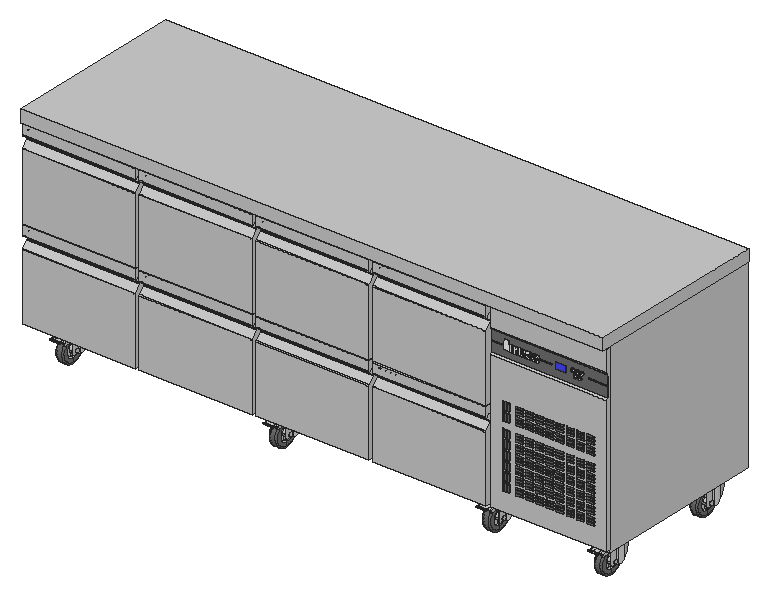
Revit family "QF_INOMAK_PNRP9999_250513010757", category Specialty Equipment, Revit 2021 (continued)
Definition of nested family "QF_INOMAK_REF_COUNTERS_DOORS_DRAWERS_6956"
  Definition of nested family "Hopper"
    Automatic sketch dimensions
      Extrusion 2 sketch curve to plane 5 "Front" = 565 mm
      curve 1 to plane 10 "Left panel" = 0 mm
      curve 2 to plane 11 "Right panel" = 0 mm
      curve 6 to plane 5 "Front" = 0 mm
      curve 5 to plane 5 "Front" = 0 mm
      curve 4 to plane 5 "Front" = 525 mm
      curve 3 to curve 3 = 40 mm
      plane 11 "Right panel" to curve 5 = 30 mm
      curve 6 to plane 10 "Left panel" = 30 mm
Definition of nested family "QF_INOMAK_REF_COUNTERS_DOORS_DRAWERS_16448"
  Parameters (values of type "DR-LX-710")
    Weight [instance] = 0.00 kg
    Warranty Start Date [instance] = ""
    Warranty Duration [instance] = ""
    URL Cutsheet [instance] = ""
    URL = "www.inomak.com"
    Top inset [instance] = 10 mm
    Technical Documentation [instance] = ""
    Tag Number [instance] = ""
    Status [instance] = ""
    Specification by User [instance] = ""
    Specification by Manufacturer [instance] = ""
    Sound Level [instance] = ""
    Solid Fuel Type [instance] = ""
    Show Logo [instance] = yes
    Show Clearances [instance] = yes
    Service Life Duration [instance] = ""
    Serial Number [instance] = ""
    Seismic Rating [instance] = ""
    SMACNA No [instance] = ""
    Right panel thickness [instance] = 0 mm
    Revision Code [instance] = ""
    Revision [instance] = ""
    Rear inset [instance] = 0 mm
    Production Year [instance] = ""
    Point Load [instance] = 0
    Plinth height [instance] = 0 mm
    Other Equipment Approvals [instance] = ""
    NAFEM Spec ID Number [instance] = ""
    Model Warning [instance] = ""
    Model = "DR-LX-710"
    Masterspec [instance] = ""
    Manufacturer = "INOMAK"
    Length Actual [instance] = 435 mm
    Left panel thickness [instance] = 0 mm
    Item Number [instance] = ""
    Installed By [instance] = ""
    Installation Date [instance] = ""
    Identify Quantity as Lot [instance] = yes
    ID [instance] = ""
    Hygiene Approval [instance] = ""
    Height Actual [instance] = 710 mm
    Furnished By [instance] = ""
    Front inset [instance] = 10 mm
    Foodservice Equipment Identifier [instance] = yes
    Finish [instance] = none
    ETL Approved [instance] = yes
    Doors drawers type [instance] = 8
    Description = "LEFT HINGED DOOR"
    Depth Actual [instance] = 700 mm
    Default Elevation = 0 mm
    CSI MasterFormat [instance] = ""
    CE Approved [instance] = yes
    Bottom inset [instance] = 10 mm
    Barcode [instance] = ""
    Author [instance] = ""
    Asset Identifier [instance] = ""
    Assembly Code = "E1090320"
    Accessory [instance] = yes
  Types (9, lengths in mm): name | Model | Height Actual | Doors drawers type | Description
    DW-2-710 | "DW-2-710" | 710 | 4 | "2 X GN 1/2 DRAWERS"
    DR-LX-710 | "DR-LX-710" | 710 | 8 | "LEFT HINGED DOOR"
    DR-RX-710 | "DR-RX-710" | 710 | 9 | "RIGHT HINGED DOOR"
    DW-3-710 | "DW-3-710" | 710 | 6 | "3 X GN 1/3 DRAWERS"
    DW-B-710 | "DW-B-710" | 710 | 5 | "1 X GN 1/3 & 1 X GN 2/3 DRAWERS"
    DW-2-483 | "DW-2-483" | 483 | 4 | "2 X GN 1/3 DRAWERS"
    DR-LX-483 | "DR-LX-483" | 483 | 8 | "LEFT HINGED DOOR"
    DR-RX-483 | "DR-RX-483" | 483 | 9 | "RIGHT HINGED DOOR"
    DW-1-483 | "DW-1-483" | 483 | 10 | "1 X GN 2/3 DRAWER"
  Reference planes
    plane 1 "Front": y = 0
    plane 2: z = 0
    plane 3 "Left": x = 0
    plane 4 "Right": x = 435
    plane 5 "Back": y = 700
    plane 6 "Top": z = 710
    plane 7 "Bottom shelf": z = 0
    plane 8: z = 700
    plane 9: z = 10
    plane 10: x = 0
    plane 11: x = 435
    plane 12 "Center Top Bottom": z = 355
  Lines and regions (mm)
    reference lines
      curve 1: line (0, 0, 355) -> (0, 25, 355)
      curve 2: line (435, 0, 355) -> (435, 25, 355)
      curve 3: line (0, 700, 355) -> (435, 700, 355)
      curve 4: line (0, 0, 355) -> (435, 0, 355)
  Dimensions and locks
    "Length Actual": plane 3 "Left" to plane 4 "Right"
    "Depth Actual": plane 1 "Front" to plane 5 "Back"
    "Height Actual": plane 6 "Top" to plane 7 "Bottom shelf"
    "Plinth height": plane 7 "Bottom shelf" to plane 2
    "Top inset": plane 6 "Top" to plane 8
    "Bottom inset": plane 9 to plane 7 "Bottom shelf"
    "Left panel thickness": plane 3 "Left" to plane 10
    "Right panel thickness": plane 11 to plane 4 "Right"
    equal spacing: plane 6 "Top", plane 12 "Center Top Bottom", plane 7 "Bottom shelf"
    "Length Actual": curve 1 to plane 4 "Right"
    "Length Actual": plane 3 "Left" to curve 2
    "Depth Actual": plane 1 "Front" to curve 3
    "Depth Actual": plane 5 "Back" to curve 4
    aligned and locked: level to plane 2
    aligned and locked: plane 3 "Left" to nested 1
    aligned and locked: plane 3 "Left" to nested 2
    aligned and locked: plane 3 "Left" to nested 3
    aligned and locked: plane 3 "Left" to nested 4
    aligned and locked: plane 3 "Left" to nested 5
    aligned and locked: plane 3 "Left" to nested 6
    aligned and locked: plane 3 "Left" to nested 7
    aligned and locked: plane 3 "Left" to nested 8
    aligned and locked: plane 3 "Left" to nested 9
    aligned and locked: nested 4 to plane 1 "Front"
    aligned and locked: nested 6 to plane 1 "Front"
    aligned and locked: nested 8 to plane 1 "Front"
    aligned and locked: nested 5 to plane 1 "Front"
    aligned and locked: nested 3 to plane 1 "Front"
    aligned and locked: nested 7 to plane 1 "Front"
    aligned and locked: nested 2 to plane 1 "Front"
    aligned and locked: nested 1 to plane 1 "Front"
    aligned and locked: nested 9 to plane 1 "Front"
  Automatic sketch dimensions
    curve 3 to plane 4 "Right" = 0 mm
    curve 3 to plane 3 "Left" = 0 mm
    curve 2 to curve 2 = 25 mm
    curve 1 to curve 1 = 25 mm
  Nested families
    nested 1: "Right_Door" at (0, 700, 0), Depth Actual <- "Depth Actual", Height Actual <- "Height Actual", Length Actual <- "Length Actual", Front inset <- "Front inset", Rear inset <- "Rear inset", Left panel thickness <- "Left panel thickness", Right panel thickness <- "Right panel thickness", Doors drawers type <- "Doors drawers type", Plinth height <- "Plinth height", Top inset <- "Top inset", Bottom inset <- "Bottom inset", type "Right door"
      with Top inset 10 mm, Right panel thickness 0 mm, Right hand hinged door no, Rear inset 0 mm, Plinth height 0 mm, Length Actual 435 mm, Left panel thickness 0 mm, Height Actual 710 mm, Front inset 10 mm, Doors drawers type 8, Depth Actual 700 mm, Bottom inset 10 mm
    nested 2: "Left_Door" at (0, 700, 0), Depth Actual <- "Depth Actual", Height Actual <- "Height Actual", Length Actual <- "Length Actual", Front inset <- "Front inset", Rear inset <- "Rear inset", Left panel thickness <- "Left panel thickness", Right panel thickness <- "Right panel thickness", Doors drawers type <- "Doors drawers type", Plinth height <- "Plinth height", Top inset <- "Top inset", Bottom inset <- "Bottom inset", type "Left door"
      with Top inset 10 mm, Right panel thickness 0 mm, Rear inset 0 mm, Plinth height 0 mm, Length Actual 435 mm, Left panel thickness 0 mm, Left hand hinged door yes, Height Actual 710 mm, Front inset 10 mm, Doors drawers type 8, Depth Actual 700 mm, Bottom inset 10 mm
    nested 3: "3_Drawers_1-3" at (0, 700, 0), Depth Actual <- "Depth Actual", Height Actual <- "Height Actual", Length Actual <- "Length Actual", Front inset <- "Front inset", Rear inset <- "Rear inset", Left panel thickness <- "Left panel thickness", Right panel thickness <- "Right panel thickness", Doors drawers type <- "Doors drawers type", Plinth height <- "Plinth height", Top inset <- "Top inset", Bottom inset <- "Bottom inset", type "3 Drawers 1-3"
      with Top inset 10 mm, Right panel thickness 0 mm, Rear inset 0 mm, Plinth height 0 mm, Length Actual 435 mm, Left panel thickness 0 mm, Height Actual 710 mm, Front inset 10 mm, Doors drawers type 8, Depth Actual 700 mm, Bottom inset 10 mm, 3 Drawers no
    nested 4: "2_Drawers_1-2" at (0, 700, 0), Depth Actual <- "Depth Actual", Height Actual <- "Height Actual", Length Actual <- "Length Actual", Front inset <- "Front inset", Rear inset <- "Rear inset", Left panel thickness <- "Left panel thickness", Right panel thickness <- "Right panel thickness", Doors drawers type <- "Doors drawers type", Plinth height <- "Plinth height", Top inset <- "Top inset", Bottom inset <- "Bottom inset", type "2 Drawers 1-2"
      with Top inset 10 mm, Right panel thickness 0 mm, Rear inset 0 mm, Plinth height 0 mm, Length Actual 435 mm, Left panel thickness 0 mm, Height Actual 710 mm, Front inset 10 mm, Doors drawers type 8, Depth Actual 700 mm, Bottom inset 10 mm, 2 Drawers no
    nested 5: "2_Drawers_1-3_2-3" at (0, 700, 0), Depth Actual <- "Depth Actual", Height Actual <- "Height Actual", Length Actual <- "Length Actual", Front inset <- "Front inset", Rear inset <- "Rear inset", Left panel thickness <- "Left panel thickness", Right panel thickness <- "Right panel thickness", Doors drawers type <- "Doors drawers type", Plinth height <- "Plinth height", Top inset <- "Top inset", Bottom inset <- "Bottom inset", type "2 Drawers 1-3 and 2-3"
      with Top inset 10 mm, Right panel thickness 0 mm, Rear inset 0 mm, Plinth height 0 mm, Length Actual 435 mm, Left panel thickness 0 mm, Height Actual 710 mm, Front inset 10 mm, Doors drawers type 8, Depth Actual 700 mm, Bottom inset 10 mm, 2 Drawers 1-3 and 2-3 no
    nested 6: "Sliding_Doors" at (0, 700, 0), Depth Actual <- "Depth Actual", Height Actual <- "Height Actual", Length Actual <- "Length Actual", Front inset <- "Front inset", Rear inset <- "Rear inset", Left panel thickness <- "Left panel thickness", Right panel thickness <- "Right panel thickness", Doors drawers type <- "Doors drawers type", Plinth height <- "Plinth height", Top inset <- "Top inset", Bottom inset <- "Bottom inset", Finish <- "Finish", type "Sliding doors"
      with Top inset 10 mm, Sliding doors no, Right panel thickness 0 mm, Rear inset 0 mm, Plinth height 0 mm, Length Actual 435 mm, Left panel thickness 0 mm, Height Actual 710 mm, Front inset 10 mm, Finish none, Doors drawers type 8, Depth Actual 700 mm, Bottom inset 10 mm
    nested 7: "4_Drawers_1-4" at (0, 700, 0), Depth Actual <- "Depth Actual", Height Actual <- "Height Actual", Length Actual <- "Length Actual", Front inset <- "Front inset", Rear inset <- "Rear inset", Left panel thickness <- "Left panel thickness", Right panel thickness <- "Right panel thickness", Doors drawers type <- "Doors drawers type", Plinth height <- "Plinth height", Top inset <- "Top inset", Bottom inset <- "Bottom inset", Finish <- "Finish", type "4 Drawers 1-4"
      with Top inset 10 mm, Right panel thickness 0 mm, Rear inset 0 mm, Plinth height 0 mm, Length Actual 435 mm, Left panel thickness 0 mm, Height Actual 710 mm, Front inset 10 mm, Finish none, Doors drawers type 8, Depth Actual 700 mm, Bottom inset 10 mm, 4 Drawers no
    nested 8: "Hinged_Doors" at (0, 700, 0), Length Actual <- "Length Actual", Depth Actual <- "Depth Actual", Height Actual <- "Height Actual", Front inset <- "Front inset", Rear inset <- "Rear inset", Left panel thickness <- "Left panel thickness", Right panel thickness <- "Right panel thickness", Doors drawers type <- "Doors drawers type", Plinth height <- "Plinth height", Top inset <- "Top inset", Bottom inset <- "Bottom inset", Finish <- "Finish", type "Hinged doors"
      with Top inset 10 mm, Right panel thickness 0 mm, Rear inset 0 mm, Plinth height 0 mm, Length Actual 435 mm, Left panel thickness 0 mm, Hinged doors no, Height Actual 710 mm, Front inset 10 mm, Finish none, Doors drawers type 8, Depth Actual 700 mm, Bottom inset 10 mm
    nested 9: "Hopper" at (0, 700, 1.284), Length Actual <- "Length Actual", Depth Actual <- "Depth Actual", Height Actual <- "Height Actual", Front inset <- "Front inset", Rear inset <- "Rear inset", Left panel thickness <- "Left panel thickness", Right panel thickness <- "Right panel thickness", Doors drawers type <- "Doors drawers type", Plinth height <- "Plinth height", Top inset <- "Top inset", Bottom inset <- "Bottom inset", Finish <- "Finish", type "Hopper"
      with Top inset 10 mm, Right panel thickness 0 mm, Rear inset 0 mm, Plinth height 0 mm, Length Actual 435 mm, Left panel thickness 0 mm, Hopper no, Height Actual 710 mm, Front inset 10 mm, Finish none, Doors drawers type 8, Depth Actual 700 mm, Bottom inset 10 mm
  Definition of nested family "Left_Door"
    Parameters (values of type "Left door")
      URL = "www.specifiglobal.com"
      Top inset [instance] = 10 mm
      Right panel thickness [instance] = 0 mm
      Rear inset [instance] = 0 mm
      Plinth height [instance] = 150 mm
      Model = ""
      Manufacturer = "DEMO CONSULTANT"
      Length Actual [instance] = 700 mm
      Left panel thickness [instance] = 0 mm
      Left hand hinged door [instance] = Doors drawers type = 8  # yes
      Height Actual [instance] = 710 mm
      Front inset [instance] = 10 mm
      Finish = none
      Doors drawers type [instance] = 8
      Description = ""
      Depth Actual [instance] = 700 mm
      Default Elevation = 0 mm
      Bottom inset [instance] = 0 mm
      Assembly Code = "E1090320"
    Reference planes
      plane 1 "Back": y = 0
      plane 2: z = 0
      plane 3 "Left": x = 0
      plane 4 "Right": x = 700
      plane 5 "Front": y = -700
      plane 6 "Top": z = 860
      plane 7 "Front legs": y = -690
      plane 8 "Legs top": z = 150
      plane 9 "Backsplash thickness": y = 0
      plane 10 "Left panel": x = 0
      plane 11 "Right panel": x = 700
      plane 12: z = 850
      plane 13: z = 150
    Forms (mm)
      Extrusion 1, solid, material <- "Finish", visible <- "Left hand hinged door"
        sketch origin (0, 0, 0) x (0, -1, 0) y (0, 0, 1)
          loop
            line (690, 150) -> (690, 764.365)
            arc (690, 764.365) -> (689.866, 765.037) -> (689.485, 765.607) r 1.757
            line (689.485, 765.607) -> (666.663, 788.429)
            arc (666.663, 788.429) -> (665.976, 789.458) -> (665.734, 790.672) r 3.172
            line (665.734, 790.672) -> (665.734, 817.576)
            arc (665.734, 817.576) -> (666.433, 819.262) -> (668.119, 819.961) r 2.385
            line (668.119, 819.961) -> (680.029, 819.961) -> (686.544, 810.657)
            arc (686.544, 810.657) -> (688.671, 809.935) -> (690, 811.747) r 1.9
            line (690, 811.747) -> (690, 850) -> (648, 850) -> (648, 150) -> (690, 150)
        from 0 to -700
      Extrusion 2, solid, visible <- "Left hand hinged door", detail levels coarse
        sketch origin (0, -700, 150) x (-1, 0, 0) y (0, 1, 0)
          loop
            arc (-700, 10) -> (-495.871, -481.066) -> (0, -673.23) r 677.11
            line (0, -673.23) -> (0, 10) -> (-700, 10)
        from 0 to -700
    Lines and regions (mm)
      symbolic lines, visible <- "Left hand hinged door"
        curve 1: line (0, -700, 150) -> (0, -1373.247, 150)
        curve 2: arc (0, -1373.247, 150) -> (492.316, -1184.595, 150) -> (700, -700, 150) r 676.963
    Dimensions and locks
      "Length Actual": plane 3 "Left" to plane 4 "Right"
      "Depth Actual": plane 5 "Front" to plane 1 "Back"
      "Height Actual": plane 6 "Top" to plane 8 "Legs top"
      "Front inset": plane 7 "Front legs" to plane 5 "Front"
      "Plinth height": plane 8 "Legs top" to plane 2
      "Rear inset": plane 9 "Backsplash thickness" to plane 1 "Back"
      "Right panel thickness": plane 11 "Right panel" to plane 4 "Right"
      "Left panel thickness": plane 3 "Left" to plane 10 "Left panel"
      "Top inset": plane 6 "Top" to plane 12
      "Bottom inset": plane 13 to plane 8 "Legs top"
      aligned and locked: level to plane 2
      aligned and locked: Extrusion 1 to plane 11 "Right panel"
      aligned and locked: plane 10 "Left panel" to Extrusion 2 sketch curve
      aligned and locked: plane 11 "Right panel" to Extrusion 2 sketch curve
      aligned and locked: Extrusion 2 sketch curve to plane 10 "Left panel"
      aligned and locked: plane 7 "Front legs" to Extrusion 2 sketch curve
      aligned and locked: plane 7 "Front legs" to Extrusion 2
      aligned and locked: plane 10 "Left panel" to Extrusion 2
      aligned and locked: Extrusion 2 to plane 12
      aligned and locked: Extrusion 1 sketch curve to plane 13
      aligned and locked: Extrusion 1 sketch curve to plane 7 "Front legs"
      aligned and locked: Extrusion 1 sketch curve to plane 12
    Automatic sketch dimensions
      Extrusion 1 sketch curve to Extrusion 1 sketch curve = 1.556 mm
      Extrusion 1 sketch curve to Extrusion 1 sketch curve = 11.91 mm
      Extrusion 1 sketch curve to Extrusion 1 sketch curve = 2.243 mm
      Extrusion 1 sketch curve to Extrusion 1 sketch curve = 2.385 mm
      Extrusion 1 sketch curve to Extrusion 1 sketch curve = 20.119 mm
      Extrusion 1 sketch curve to Extrusion 1 sketch curve = 22.822 mm
      Extrusion 1 sketch curve to Extrusion 1 sketch curve = 19.985 mm
      Extrusion 1 sketch curve to Extrusion 1 sketch curve = 6.919 mm
      Extrusion 1 sketch curve to Extrusion 1 sketch curve = 30.039 mm
      plane 7 "Front legs" to Extrusion 1 sketch curve = 42 mm
      Extrusion 1 sketch curve to Extrusion 1 sketch curve = 0.929 mm
      Extrusion 1 sketch curve to Extrusion 1 sketch curve = 6.515 mm
      Extrusion 1 sketch curve to Extrusion 1 sketch curve = 1.242 mm
      Extrusion 1 sketch curve to Extrusion 1 sketch curve = 1.9 mm
      Extrusion 1 sketch curve to Extrusion 1 sketch curve = 0.515 mm
      plane 5 "Front" to Extrusion 2 sketch curve = 3.492 mm
      plane 3 "Left" to Extrusion 2 sketch curve = 22.921 mm
      curve 1 to plane 3 "Left" = 0 mm
      curve 2 to plane 4 "Right" = 0 mm
      curve 2 to plane 5 "Front" = 0 mm
      curve 1 to plane 5 "Front" = 0 mm
      plane 5 "Front" to curve 2 = 3.324 mm
      plane 3 "Left" to curve 2 = 23.045 mm
  Definition of nested family "Right_Door"
    Parameters (values of type "Right door")
      URL = "www.specifiglobal.com"
      Top inset [instance] = 4 mm
      Right panel thickness [instance] = 35 mm
      Right hand hinged door [instance] = Doors drawers type = 9  # yes
      Rear inset [instance] = 10 mm
      Plinth height [instance] = 150 mm
      Model = ""
      Manufacturer = "DEMO CONSULTANT"
      Length Actual [instance] = 1700 mm
      Left panel thickness [instance] = 35 mm
      Height Actual [instance] = 900 mm
      Front inset [instance] = 10 mm
      Finish = none
      Doors drawers type [instance] = 9
      Description = ""
      Depth Actual [instance] = 700 mm
      Default Elevation = 0 mm
      Bottom inset [instance] = 4 mm
      Assembly Code = "E1090320"
    Reference planes
      plane 1 "Back": y = 0
      plane 2: z = 0
      plane 3 "Left": x = 0
      plane 4 "Right": x = 1700
      plane 5 "Front": y = -700
      plane 6 "Top": z = 1050
      plane 7 "Front legs": y = -690
      plane 8 "Legs top": z = 150
      plane 9 "Backsplash thickness": y = -10
      plane 10 "Left panel": x = 35
      plane 11 "Right panel": x = 1665
      plane 12: z = 1046
      plane 13: z = 154
    Forms (mm)
      Extrusion 1, solid, material <- "Finish", visible <- "Right hand hinged door"
        sketch origin (35, 0, 0) x (0, -1, 0) y (0, 0, 1)
          loop
            line (690, 154) -> (690, 960.365)
            arc (690, 960.365) -> (689.866, 961.037) -> (689.485, 961.607) r 1.757
            line (689.485, 961.607) -> (666.663, 984.429)
            arc (666.663, 984.429) -> (665.976, 985.458) -> (665.734, 986.672) r 3.172
            line (665.734, 986.672) -> (665.734, 1013.576)
            arc (665.734, 1013.576) -> (666.433, 1015.262) -> (668.119, 1015.961) r 2.385
            line (668.119, 1015.961) -> (680.029, 1015.961) -> (686.544, 1006.657)
            arc (686.544, 1006.657) -> (688.671, 1005.935) -> (690, 1007.747) r 1.9
            line (690, 1007.747) -> (690, 1046) -> (648, 1046) -> (648, 154) -> (690, 154)
        from 0 to -1630
      Extrusion 2, solid, visible <- "Right hand hinged door", detail levels coarse
        sketch origin (0, -700, 154) x (-1, 0, 0) y (0, 1, 0)
          loop
            line (-1665, 10) -> (-1665, -1637.12)
            arc (-1665, -1637.12) -> (-517.894, -1142.214) -> (-35, 10) r 1670.236
            line (-35, 10) -> (-1665, 10)
        from 0 to -892
    Lines and regions (mm)
      symbolic lines, visible <- "Right hand hinged door"
        curve 1: line (1665, -2337.12, 150) -> (1665, -700, 150)
        curve 2: arc (1665, -2337.12, 150) -> (521.415, -1845.762, 150) -> (35.165, -699.995, 150) r 1670.236
    Dimensions and locks
      "Length Actual": plane 3 "Left" to plane 4 "Right"
      "Depth Actual": plane 5 "Front" to plane 1 "Back"
      "Height Actual": plane 6 "Top" to plane 8 "Legs top"
      "Front inset": plane 7 "Front legs" to plane 5 "Front"
      "Plinth height": plane 8 "Legs top" to plane 2
      "Rear inset": plane 9 "Backsplash thickness" to plane 1 "Back"
      "Right panel thickness": plane 11 "Right panel" to plane 4 "Right"
      "Left panel thickness": plane 3 "Left" to plane 10 "Left panel"
      "Top inset": plane 6 "Top" to plane 12
      "Bottom inset": plane 13 to plane 8 "Legs top"
      aligned and locked: level to plane 2
      aligned and locked: Extrusion 1 to plane 11 "Right panel"
      aligned and locked: plane 10 "Left panel" to Extrusion 2 sketch curve
      aligned and locked: plane 11 "Right panel" to Extrusion 2 sketch curve
      aligned and locked: plane 7 "Front legs" to Extrusion 2
      aligned and locked: plane 7 "Front legs" to Extrusion 2 sketch curve
      aligned and locked: Extrusion 2 sketch curve to plane 11 "Right panel"
      aligned and locked: curve 1 to Extrusion 2
      aligned and locked: plane 5 "Front" to curve 1
      aligned and locked: Extrusion 2 to plane 12
      aligned and locked: Extrusion 1 sketch curve to plane 12
      aligned and locked: Extrusion 1 sketch curve to plane 7 "Front legs"
      aligned and locked: Extrusion 1 sketch curve to plane 13
      aligned and locked: curve 2 to Extrusion 2
    Automatic sketch dimensions
      Extrusion 1 sketch curve to Extrusion 1 sketch curve = 1.556 mm
      Extrusion 1 sketch curve to Extrusion 1 sketch curve = 11.91 mm
      Extrusion 1 sketch curve to Extrusion 1 sketch curve = 2.243 mm
      Extrusion 1 sketch curve to Extrusion 1 sketch curve = 2.385 mm
      Extrusion 1 sketch curve to Extrusion 1 sketch curve = 20.119 mm
      Extrusion 1 sketch curve to Extrusion 1 sketch curve = 22.822 mm
      Extrusion 1 sketch curve to Extrusion 1 sketch curve = 19.985 mm
      Extrusion 1 sketch curve to Extrusion 1 sketch curve = 6.919 mm
      Extrusion 1 sketch curve to Extrusion 1 sketch curve = 30.039 mm
      plane 7 "Front legs" to Extrusion 1 sketch curve = 42 mm
      Extrusion 1 sketch curve to Extrusion 1 sketch curve = 0.929 mm
      Extrusion 1 sketch curve to Extrusion 1 sketch curve = 6.515 mm
      Extrusion 1 sketch curve to Extrusion 1 sketch curve = 1.242 mm
      Extrusion 1 sketch curve to Extrusion 1 sketch curve = 1.9 mm
      Extrusion 1 sketch curve to Extrusion 1 sketch curve = 0.515 mm
      Extrusion 2 sketch curve to plane 4 "Right" = 5.083 mm
      plane 7 "Front legs" to Extrusion 2 sketch curve = 22.635 mm
      plane 5 "Front" to curve 2 = 0.005 mm
  Definition of nested family "3_Drawers_1-3"
    Parameters (values of type "3 Drawers 1-3")
      URL = "www.specifiglobal.com"
      Top inset [instance] = 4 mm
      Right panel thickness [instance] = 35 mm
      Rear inset [instance] = 10 mm
      Plinth height [instance] = 150 mm
      Model = ""
      Manufacturer = "DEMO CONSULTANT"
      Length Actual [instance] = 1200 mm
      Left panel thickness [instance] = 35 mm
      Height Actual [instance] = 900 mm
      Front inset [instance] = 10 mm
      Finish = none
      Doors drawers type [instance] = 6
      Description = ""
      Depth Actual [instance] = 700 mm
      Default Elevation = 0 mm
      Bottom inset [instance] = 4 mm
      Assembly Code = "E1090320"
      3 Drawers [instance] = Doors drawers type = 6  # yes
    Reference planes
      plane 1 "Back": y = 0
      plane 2: z = 0
      plane 3 "Left": x = 0
      plane 4 "Right": x = 1200
      plane 5 "Front": y = -700
      plane 6 "Top": z = 1050
      plane 7 "Front legs": y = -690
      plane 8 "Legs top": z = 150
      plane 9 "Backsplash thickness": y = -10
      plane 10 "Left panel": x = 35
      plane 11 "Right panel": x = 1165
      plane 12: z = 749.333
      plane 13: z = 1046
      plane 14: z = 751.667
      plane 15: z = 747
      plane 16: z = 1048
      plane 17: z = 450.667
      plane 18: z = 453.333
      plane 19: z = 448
      plane 20: z = 154
      plane 21: z = 152
    Forms (mm)
      Extrusion 1, solid, material <- "Finish", visible <- "3 Drawers"
        sketch origin (35, 0, 0) x (0, -1, 0) y (0, 0, 1)
          loop
            line (690, 751.667) -> (690, 960.365)
            arc (690, 960.365) -> (689.866, 961.037) -> (689.485, 961.607) r 1.757
            line (689.485, 961.607) -> (666.663, 984.429)
            arc (666.663, 984.429) -> (665.976, 985.458) -> (665.734, 986.672) r 3.172
            line (665.734, 986.672) -> (665.734, 1013.576)
            arc (665.734, 1013.576) -> (666.433, 1015.262) -> (668.119, 1015.961) r 2.385
            line (668.119, 1015.961) -> (680.029, 1015.961) -> (686.544, 1006.657)
            arc (686.544, 1006.657) -> (688.671, 1005.935) -> (690, 1007.747) r 1.9
            line (690, 1007.747) -> (690, 1046) -> (648, 1046) -> (648, 751.667) -> (690, 751.667)
        from 0 to -1130
      Extrusion 2, solid, visible <- "3 Drawers", detail levels coarse
        sketch origin (0, -640.463, 751.667) x (0, 1, 0) y (-1, 0, 0)
          loop
            line (-49.537, -35) -> (-624.582, -35) -> (-624.582, -1165) -> (-49.537, -1165) -> (-49.537, -35)
        from 0 to 294.333
      Extrusion 3, solid, visible <- "3 Drawers", detail levels coarse
        sketch origin (0, -640.463, 453.333) x (0, 1, 0) y (-1, 0, 0)
          loop
            line (-49.537, -35) -> (-624.582, -35) -> (-624.582, -1165) -> (-49.537, -1165) -> (-49.537, -35)
        from 0 to 293.667
      Extrusion 4, solid, visible <- "3 Drawers", detail levels coarse
        sketch origin (0, -700, 154) x (-1, 0, 0) y (0, 1, 0)
          loop
            line (-35, 10) -> (-1165, 10) -> (-1165, -565.045) -> (-35, -565.045) -> (-35, 10)
        from 0 to -294
      Extrusion 5, solid, material <- "Finish", visible <- "3 Drawers"
        sketch origin (35, 0, -220.667) x (0, -1, 0) y (0, 0, 1)
          loop
            line (690, 674) -> (690, 882.031)
            arc (690, 882.031) -> (689.866, 882.704) -> (689.485, 883.274) r 1.757
            line (689.485, 883.274) -> (666.663, 906.096)
            arc (666.663, 906.096) -> (665.976, 907.125) -> (665.734, 908.339) r 3.172
            line (665.734, 908.339) -> (665.734, 935.243)
            arc (665.734, 935.243) -> (666.433, 936.929) -> (668.119, 937.628) r 2.385
            line (668.119, 937.628) -> (680.029, 937.628) -> (686.544, 928.324)
            arc (686.544, 928.324) -> (688.671, 927.602) -> (690, 929.414) r 1.9
            line (690, 929.414) -> (690, 967.667) -> (648, 967.667) -> (648, 674) -> (690, 674)
        from 0 to -1130
      Extrusion 6, solid, material <- "Finish", visible <- "3 Drawers"
        sketch origin (35, 0, -441.333) x (0, -1, 0) y (0, 0, 1)
          loop
            line (690, 595.333) -> (690, 800.031)
            arc (690, 800.031) -> (689.866, 800.704) -> (689.485, 801.274) r 1.757
            line (689.485, 801.274) -> (666.663, 824.096)
            arc (666.663, 824.096) -> (665.976, 825.125) -> (665.734, 826.339) r 3.172
            line (665.734, 826.339) -> (665.734, 857.243)
            arc (665.734, 857.243) -> (666.433, 858.929) -> (668.119, 859.628) r 2.385
            line (668.119, 859.628) -> (680.029, 859.628) -> (686.544, 850.324)
            arc (686.544, 850.324) -> (688.671, 849.602) -> (690, 851.414) r 1.9
            line (690, 851.414) -> (690, 889.333) -> (648, 889.333) -> (648, 595.333) -> (690, 595.333)
        from 0 to -1130
    Lines and regions (mm)
      symbolic lines, visible <- "3 Drawers"
        curve 1: line (35, -850, 900) -> (35, -890, 900)
        curve 2: line (35, -890, 900) -> (1165, -890, 900)
        curve 3: line (1165, -890, 900) -> (1165, -850, 900)
        curve 4: line (1165, -850, 900) -> (35, -850, 900)
        curve 5: line (1135, -850, 900) -> (1135, -700, 900)
        curve 6: line (65, -850, 900) -> (65, -700, 900)
        curve 7: line (35, -1040, 900) -> (35, -1080, 900)
        curve 8: line (35, -1080, 900) -> (1165, -1080, 900)
        curve 9: line (1165, -1080, 900) -> (1165, -1040, 900)
        curve 10: line (1165, -1040, 900) -> (35, -1040, 900)
        curve 11: line (1135, -1040, 900) -> (1135, -890, 900)
        curve 12: line (65, -1040, 900) -> (65, -890, 900)
        curve 13: line (35, -1225, 900) -> (35, -1265, 900)
        curve 14: line (35, -1265, 900) -> (1165, -1265, 900)
        curve 15: line (1165, -1265, 900) -> (1165, -1225, 900)
        curve 16: line (1165, -1225, 900) -> (35, -1225, 900)
        curve 17: line (1135, -1225, 900) -> (1135, -1080, 900)
        curve 18: line (65, -1225, 900) -> (65, -1080, 900)
    Dimensions and locks
      "Length Actual": plane 3 "Left" to plane 4 "Right"
      "Depth Actual": plane 5 "Front" to plane 1 "Back"
      "Height Actual": plane 6 "Top" to plane 8 "Legs top"
      "Front inset": plane 7 "Front legs" to plane 5 "Front"
      "Plinth height": plane 8 "Legs top" to plane 2
      "Rear inset": plane 9 "Backsplash thickness" to plane 1 "Back"
      "Right panel thickness": plane 11 "Right panel" to plane 4 "Right"
      "Left panel thickness": plane 3 "Left" to plane 10 "Left panel"
      plane 14 to plane 15 = 4.667 mm
      equal spacing: plane 14, plane 12, plane 15
      locked: plane 16 to plane 13 at 2
      equal spacing: plane 18, plane 17, plane 19
      plane 18 to plane 19 = 5.333 mm
      "Bottom inset": plane 20 to plane 8 "Legs top"
      equal spacing: plane 21, plane 17, plane 12, plane 16
      "Top inset": plane 13 to plane 6 "Top"
      locked: plane 21 to plane 20 at 2
      aligned and locked: level to plane 2
      aligned and locked: Extrusion 1 to plane 11 "Right panel"
      aligned and locked: plane 10 "Left panel" to curve 1
      aligned and locked: plane 10 "Left panel" to curve 7
      aligned and locked: plane 10 "Left panel" to curve 13
      aligned and locked: Extrusion 2 sketch curve to plane 10 "Left panel"
      aligned and locked: plane 11 "Right panel" to Extrusion 2 sketch curve
      aligned and locked: Extrusion 3 sketch curve to plane 10 "Left panel"
      aligned and locked: plane 11 "Right panel" to Extrusion 3 sketch curve
      aligned and locked: Extrusion 4 sketch curve to plane 10 "Left panel"
      aligned and locked: plane 11 "Right panel" to Extrusion 4 sketch curve
      aligned and locked: Extrusion 2 to plane 13
      aligned and locked: Extrusion 3 to plane 15
      aligned and locked: Extrusion 4 to plane 19
      aligned and locked: Extrusion 5 to plane 11 "Right panel"
      aligned and locked: Extrusion 6 to plane 11 "Right panel"
      aligned and locked: Extrusion 1 sketch curve to plane 13
      aligned and locked: Extrusion 1 sketch curve to plane 7 "Front legs"
      aligned and locked: plane 18 to Extrusion 5 sketch curve
      aligned and locked: Extrusion 6 sketch curve to Extrusion 4  (x2)
      aligned and locked: Extrusion 5 sketch curve to plane 15
      aligned and locked: Extrusion 4 to Extrusion 5 sketch curve
      aligned and locked: Extrusion 6 sketch curve to plane 19
      aligned and locked: Extrusion 6 sketch curve to plane 20
    Automatic sketch dimensions
      Extrusion 2 sketch curve to plane 7 "Front legs" = 0 mm
      Extrusion 2 sketch curve to plane 5 "Front" = 565.045 mm
      Extrusion 3 sketch curve to plane 7 "Front legs" = 0 mm
      Extrusion 3 sketch curve to plane 5 "Front" = 565.045 mm
      Extrusion 4 sketch curve to plane 7 "Front legs" = 0 mm
      Extrusion 4 sketch curve to plane 5 "Front" = 565.045 mm
      curve 14 to plane 11 "Right panel" = 0 mm
      curve 8 to plane 11 "Right panel" = 0 mm
      curve 3 to plane 11 "Right panel" = 0 mm
      curve 6 to plane 5 "Front" = 0 mm
      curve 5 to plane 5 "Front" = 0 mm
      curve 1 to plane 5 "Front" = 150 mm
      curve 2 to curve 3 = 40 mm
      curve 10 to curve 1 = 150 mm
      curve 9 to curve 9 = 40 mm
      curve 13 to curve 7 = 145 mm
      curve 14 to curve 13 = 40 mm
      curve 3 to curve 5 = 30 mm
      curve 15 to curve 17 = 30 mm
      curve 11 to curve 17 = 0 mm
      curve 6 to plane 10 "Left panel" = 30 mm
      curve 18 to plane 10 "Left panel" = 30 mm
      curve 12 to curve 18 = 0 mm
      Extrusion 1 sketch curve to plane 14 = 0 mm
      Extrusion 1 sketch curve to plane 7 "Front legs" = 0 mm
      plane 7 "Front legs" to Extrusion 1 sketch curve = 0.515 mm
      plane 7 "Front legs" to Extrusion 1 sketch curve = 1.757 mm
      plane 7 "Front legs" to Extrusion 1 sketch curve = 1.9 mm
      Extrusion 1 sketch curve to Extrusion 1 sketch curve = 1.556 mm
      plane 7 "Front legs" to Extrusion 1 sketch curve = 9.971 mm
      plane 7 "Front legs" to Extrusion 1 sketch curve = 21.094 mm
      Extrusion 1 sketch curve to Extrusion 1 sketch curve = 11.91 mm
      Extrusion 1 sketch curve to Extrusion 1 sketch curve = 2.243 mm
      Extrusion 1 sketch curve to Extrusion 1 sketch curve = 2.385 mm
      Extrusion 1 sketch curve to Extrusion 1 sketch curve = 20.119 mm
      plane 13 to Extrusion 1 sketch curve = 85.635 mm
      Extrusion 1 sketch curve to Extrusion 1 sketch curve = 22.822 mm
      Extrusion 1 sketch curve to Extrusion 1 sketch curve = 19.985 mm
      Extrusion 1 sketch curve to Extrusion 1 sketch curve = 6.919 mm
      plane 15 to Extrusion 5 sketch curve = 59.328 mm
      Extrusion 5 sketch curve to Extrusion 5 sketch curve = 17.734 mm
      plane 15 to Extrusion 5 sketch curve = 61.571 mm
      Extrusion 5 sketch curve to Extrusion 5 sketch curve = 0.929 mm
      Extrusion 5 sketch curve to Extrusion 5 sketch curve = 2.385 mm
      Extrusion 5 sketch curve to Extrusion 5 sketch curve = 11.91 mm
      Extrusion 5 sketch curve to Extrusion 5 sketch curve = 6.515 mm
      Extrusion 5 sketch curve to Extrusion 5 sketch curve = 1.556 mm
      Extrusion 5 sketch curve to Extrusion 5 sketch curve = 21.58 mm
      plane 15 to Extrusion 5 sketch curve = 84.393 mm
      Extrusion 5 sketch curve to Extrusion 5 sketch curve = 1.242 mm
      Extrusion 5 sketch curve to Extrusion 5 sketch curve = 1.9 mm
      Extrusion 5 sketch curve to Extrusion 5 sketch curve = 0.515 mm
      Extrusion 5 sketch curve to Extrusion 5 sketch curve = 6.919 mm
      Extrusion 5 sketch curve to Extrusion 5 sketch curve = 30.039 mm
      plane 7 "Front legs" to Extrusion 6 sketch curve = 0.515 mm
      plane 7 "Front legs" to Extrusion 6 sketch curve = 1.757 mm
      plane 7 "Front legs" to Extrusion 6 sketch curve = 1.9 mm
      Extrusion 6 sketch curve to Extrusion 6 sketch curve = 1.556 mm
      plane 7 "Front legs" to Extrusion 6 sketch curve = 9.971 mm
      plane 7 "Front legs" to Extrusion 6 sketch curve = 21.094 mm
      Extrusion 6 sketch curve to Extrusion 6 sketch curve = 11.91 mm
      Extrusion 6 sketch curve to Extrusion 6 sketch curve = 2.243 mm
      Extrusion 6 sketch curve to Extrusion 6 sketch curve = 2.385 mm
      Extrusion 6 sketch curve to Extrusion 6 sketch curve = 20.119 mm
      plane 19 to Extrusion 6 sketch curve = 89.302 mm
      Extrusion 6 sketch curve to Extrusion 6 sketch curve = 22.822 mm
      Extrusion 6 sketch curve to Extrusion 6 sketch curve = 23.985 mm
      Extrusion 6 sketch curve to Extrusion 6 sketch curve = 6.919 mm
  Definition of nested family "2_Drawers_1-2"
    Parameters (values of type "2 Drawers 1-2")
      URL = "www.specifiglobal.com"
      Top inset [instance] = 4 mm
      Right panel thickness [instance] = 35 mm
      Rear inset [instance] = 10 mm
      Plinth height [instance] = 150 mm
      Model = ""
      Manufacturer = "DEMO CONSULTANT"
      Length Actual [instance] = 1200 mm
      Left panel thickness [instance] = 35 mm
      Height Actual [instance] = 900 mm
      Front inset [instance] = 10 mm
      Finish = none
      Doors drawers type [instance] = 4
      Description = ""
      Depth Actual [instance] = 700 mm
      Default Elevation = 0 mm
      Bottom inset [instance] = 4 mm
      Assembly Code = "E1090320"
      2 Drawers [instance] = Doors drawers type = 4  # yes
    Reference planes
      plane 1 "Back": y = 0
      plane 2: z = 0
      plane 3 "Left": x = 0
      plane 4 "Right": x = 1200
      plane 5 "Front": y = -700
      plane 6 "Top": z = 1050
      plane 7 "Front legs": y = -690
      plane 8 "Legs top": z = 150
      plane 9 "Backsplash thickness": y = -10
      plane 10 "Left panel": x = 35
      plane 11 "Right panel": x = 1165
      plane 12: z = 600
      plane 13: z = 1046
      plane 14: z = 602
      plane 15: z = 598
      plane 16: z = 154
    Forms (mm)
      Extrusion 1, solid, material <- "Finish", visible <- "2 Drawers"
        sketch origin (35, 0, 0) x (0, -1, 0) y (0, 0, 1)
          loop
            line (690, 602) -> (690, 960.365)
            arc (690, 960.365) -> (689.866, 961.037) -> (689.485, 961.607) r 1.757
            line (689.485, 961.607) -> (666.663, 984.429)
            arc (666.663, 984.429) -> (665.976, 985.458) -> (665.734, 986.672) r 3.172
            line (665.734, 986.672) -> (665.734, 1013.576)
            arc (665.734, 1013.576) -> (666.433, 1015.262) -> (668.119, 1015.961) r 2.385
            line (668.119, 1015.961) -> (680.029, 1015.961) -> (686.544, 1006.657)
            arc (686.544, 1006.657) -> (688.671, 1005.935) -> (690, 1007.747) r 1.9
            line (690, 1007.747) -> (690, 1046) -> (648, 1046) -> (648, 602) -> (690, 602)
        from 0 to -1130
      Extrusion 2, solid, visible <- "2 Drawers", detail levels coarse
        sketch origin (0, -640.463, 602) x (0, 1, 0) y (-1, 0, 0)
          loop
            line (-49.537, -35) -> (-624.537, -35) -> (-624.537, -1165) -> (-49.537, -1165) -> (-49.537, -35)
        from 0 to 444
      Extrusion 3, solid, visible <- "2 Drawers", detail levels coarse
        sketch origin (0, -700, 154) x (-1, 0, 0) y (0, 1, 0)
          loop
            line (-35, 10) -> (-1165, 10) -> (-1165, -565) -> (-35, -565) -> (-35, 10)
        from 0 to -444
      Extrusion 4, solid, material <- "Finish", visible <- "2 Drawers"
        sketch origin (35, 0, -441.333) x (0, -1, 0) y (0, 0, 1)
          loop
            line (690, 595.333) -> (690, 953.698)
            arc (690, 953.698) -> (689.866, 954.37) -> (689.485, 954.94) r 1.757
            line (689.485, 954.94) -> (666.663, 977.763)
            arc (666.663, 977.763) -> (665.976, 978.792) -> (665.734, 980.006) r 3.172
            line (665.734, 980.006) -> (665.734, 1006.909)
            arc (665.734, 1006.909) -> (666.433, 1008.596) -> (668.119, 1009.294) r 2.385
            line (668.119, 1009.294) -> (680.029, 1009.294) -> (686.544, 999.991)
            arc (686.544, 999.991) -> (688.671, 999.268) -> (690, 1001.08) r 1.9
            line (690, 1001.08) -> (690, 1039.333) -> (648, 1039.333) -> (648, 595.333) -> (690, 595.333)
        from 0 to -1130
    Lines and regions (mm)
      symbolic lines, visible <- "2 Drawers"
        curve 1: line (35, -940, 900) -> (35, -980, 900)
        curve 2: line (35, -980, 900) -> (1165, -980, 900)
        curve 3: line (1165, -980, 900) -> (1165, -940, 900)
        curve 4: line (1165, -940, 900) -> (35, -940, 900)
        curve 5: line (1135, -940, 900) -> (1135, -700, 900)
        curve 6: line (65, -940, 900) -> (65, -700, 900)
        curve 7: line (35, -1225, 900) -> (35, -1265, 900)
        curve 8: line (35, -1265, 900) -> (1165, -1265, 900)
        curve 9: line (1165, -1265, 900) -> (1165, -1225, 900)
        curve 10: line (1165, -1225, 900) -> (35, -1225, 900)
        curve 11: line (1135, -1225, 900) -> (1135, -980, 900)
        curve 12: line (65, -1225, 900) -> (65, -980, 900)
    Dimensions and locks
      "Length Actual": plane 3 "Left" to plane 4 "Right"
      "Depth Actual": plane 5 "Front" to plane 1 "Back"
      "Height Actual": plane 6 "Top" to plane 8 "Legs top"
      "Front inset": plane 7 "Front legs" to plane 5 "Front"
      "Plinth height": plane 8 "Legs top" to plane 2
      "Rear inset": plane 9 "Backsplash thickness" to plane 1 "Back"
      "Right panel thickness": plane 11 "Right panel" to plane 4 "Right"
      "Left panel thickness": plane 3 "Left" to plane 10 "Left panel"
      "Top inset": plane 6 "Top" to plane 13
      "Bottom inset": plane 16 to plane 8 "Legs top"
      equal spacing: plane 16, plane 12, plane 13
      locked: plane 14 to plane 12 at 2
      locked: plane 15 to plane 12 at 2
      aligned and locked: level to plane 2
      aligned and locked: Extrusion 1 to plane 11 "Right panel"
      aligned and locked: plane 10 "Left panel" to curve 1
      aligned and locked: plane 10 "Left panel" to curve 7
      aligned and locked: Extrusion 2 sketch curve to plane 10 "Left panel"
      aligned and locked: plane 11 "Right panel" to Extrusion 2 sketch curve
      aligned and locked: Extrusion 3 sketch curve to plane 10 "Left panel"
      aligned and locked: plane 11 "Right panel" to Extrusion 3 sketch curve
      aligned and locked: Extrusion 2 to plane 13
      aligned and locked: Extrusion 4 to plane 11 "Right panel"
      aligned and locked: Extrusion 3 to plane 15
      aligned and locked: Extrusion 1 sketch curve to plane 13
      aligned and locked: Extrusion 1 sketch curve to plane 7 "Front legs"
      aligned and locked: plane 14 to Extrusion 1 sketch curve
      aligned and locked: Extrusion 4 sketch curve to plane 15
      aligned and locked: Extrusion 4 sketch curve to plane 7 "Front legs"
      aligned and locked: Extrusion 4 sketch curve to plane 16
    Automatic sketch dimensions
      Extrusion 2 sketch curve to plane 7 "Front legs" = 0 mm
      Extrusion 2 sketch curve to plane 5 "Front" = 565 mm
      Extrusion 3 sketch curve to plane 7 "Front legs" = 0 mm
      Extrusion 3 sketch curve to plane 5 "Front" = 565 mm
      curve 9 to plane 11 "Right panel" = 0 mm
      curve 2 to plane 11 "Right panel" = 0 mm
      curve 5 to plane 5 "Front" = 0 mm
      curve 6 to plane 5 "Front" = 0 mm
      curve 1 to plane 5 "Front" = 240 mm
      curve 3 to curve 3 = 40 mm
      curve 7 to curve 1 = 245 mm
      curve 8 to curve 9 = 40 mm
      plane 11 "Right panel" to curve 5 = 30 mm
      curve 2 to curve 11 = 30 mm
      curve 6 to plane 10 "Left panel" = 30 mm
      curve 12 to plane 10 "Left panel" = 30 mm
      Extrusion 1 sketch curve to Extrusion 1 sketch curve = 17.734 mm
      Extrusion 1 sketch curve to Extrusion 1 sketch curve = 0.929 mm
      Extrusion 1 sketch curve to Extrusion 1 sketch curve = 2.385 mm
      Extrusion 1 sketch curve to Extrusion 1 sketch curve = 3.172 mm
      Extrusion 1 sketch curve to Extrusion 1 sketch curve = 11.91 mm
      Extrusion 1 sketch curve to Extrusion 1 sketch curve = 6.515 mm
      Extrusion 1 sketch curve to Extrusion 1 sketch curve = 1.556 mm
      Extrusion 1 sketch curve to Extrusion 1 sketch curve = 21.58 mm
      Extrusion 1 sketch curve to Extrusion 1 sketch curve = 1.242 mm
      Extrusion 1 sketch curve to Extrusion 1 sketch curve = 1.9 mm
      Extrusion 1 sketch curve to Extrusion 1 sketch curve = 0.515 mm
      Extrusion 1 sketch curve to Extrusion 1 sketch curve = 22.822 mm
      Extrusion 1 sketch curve to Extrusion 1 sketch curve = 19.985 mm
      Extrusion 1 sketch curve to Extrusion 1 sketch curve = 6.919 mm
      Extrusion 1 sketch curve to Extrusion 1 sketch curve = 30.039 mm
      Extrusion 4 sketch curve to plane 7 "Front legs" = 0 mm
      plane 7 "Front legs" to Extrusion 4 sketch curve = 0.515 mm
      plane 7 "Front legs" to Extrusion 4 sketch curve = 1.757 mm
      plane 7 "Front legs" to Extrusion 4 sketch curve = 1.9 mm
      Extrusion 4 sketch curve to Extrusion 4 sketch curve = 1.556 mm
      plane 7 "Front legs" to Extrusion 4 sketch curve = 9.971 mm
      plane 7 "Front legs" to Extrusion 4 sketch curve = 21.094 mm
      Extrusion 4 sketch curve to Extrusion 4 sketch curve = 11.91 mm
      Extrusion 4 sketch curve to Extrusion 4 sketch curve = 2.243 mm
      Extrusion 4 sketch curve to Extrusion 4 sketch curve = 2.385 mm
      Extrusion 4 sketch curve to Extrusion 4 sketch curve = 20.119 mm
      Extrusion 4 sketch curve to Extrusion 4 sketch curve = 22.822 mm
      Extrusion 4 sketch curve to Extrusion 4 sketch curve = 19.985 mm
      Extrusion 4 sketch curve to Extrusion 4 sketch curve = 6.919 mm
      Extrusion 4 sketch curve to Extrusion 4 sketch curve = 30.039 mm
  Definition of nested family "2_Drawers_1-3_2-3"
    Parameters (values of type "2 Drawers 1-3 and 2-3")
      URL = "www.specifiglobal.com"
      Top inset [instance] = 4 mm
      Right panel thickness [instance] = 35 mm
      Rear inset [instance] = 10 mm
      Plinth height [instance] = 150 mm
      Model = ""
      Manufacturer = "DEMO CONSULTANT"
      Length Actual [instance] = 1200 mm
      Left panel thickness [instance] = 35 mm
      Height Actual [instance] = 900 mm
      Front inset [instance] = 10 mm
      Finish = none
      Doors drawers type [instance] = 5
      Description = ""
      Depth Actual [instance] = 700 mm
      Default Elevation = 0 mm
      Bottom inset [instance] = 4 mm
      Assembly Code = "E1090320"
      2 Drawers 1-3 and 2-3 [instance] = Doors drawers type = 5  # yes
    Reference planes
      plane 1 "Back": y = 0
      plane 2: z = 0
      plane 3 "Left": x = 0
      plane 4 "Right": x = 1200
      plane 5 "Front": y = -700
      plane 6 "Top": z = 1050
      plane 7 "Front legs": y = -690
      plane 8 "Legs top": z = 150
      plane 9 "Backsplash thickness": y = -10
      plane 10 "Left panel": x = 35
      plane 11 "Right panel": x = 1165
      plane 12: z = 1046
      plane 13: z = 751.833
      plane 14: z = 746.833
      plane 15: z = 154
      plane 16: z = 450.667
      plane 17: z = 152
      plane 18: z = 1048
      plane 19: z = 749.333
    Forms (mm)
      Extrusion 1, solid, material <- "Finish", visible <- "2 Drawers 1-3 and 2-3"
        sketch origin (35, 0, 0) x (0, -1, 0) y (0, 0, 1)
          loop
            line (690, 751.833) -> (690, 960.365)
            arc (690, 960.365) -> (689.866, 961.037) -> (689.485, 961.607) r 1.757
            line (689.485, 961.607) -> (666.663, 984.429)
            arc (666.663, 984.429) -> (665.976, 985.458) -> (665.734, 986.672) r 3.172
            line (665.734, 986.672) -> (665.734, 1013.576)
            arc (665.734, 1013.576) -> (666.433, 1015.262) -> (668.119, 1015.961) r 2.385
            line (668.119, 1015.961) -> (680.029, 1015.961) -> (686.544, 1006.657)
            arc (686.544, 1006.657) -> (688.671, 1005.935) -> (690, 1007.747) r 1.9
            line (690, 1007.747) -> (690, 1046) -> (648, 1046) -> (648, 751.833) -> (690, 751.833)
        from 0 to -1130
      Extrusion 2, solid, visible <- "2 Drawers 1-3 and 2-3", detail levels coarse
        sketch origin (0, -640.463, 751.833) x (0, 1, 0) y (-1, 0, 0)
          loop
            line (-49.537, -35) -> (-624.537, -35) -> (-624.537, -1165) -> (-49.537, -1165) -> (-49.537, -35)
        from 0 to 294.167
      Extrusion 3, solid, visible <- "2 Drawers 1-3 and 2-3", detail levels coarse
        sketch origin (0, -700, 154) x (-1, 0, 0) y (0, 1, 0)
          loop
            line (-35, 10) -> (-1165, 10) -> (-1165, -565) -> (-35, -565) -> (-35, 10)
        from 0 to -592.833
      Extrusion 4, solid, material <- "Finish", visible <- "2 Drawers 1-3 and 2-3"
        sketch origin (35, 0, -441.333) x (0, -1, 0) y (0, 0, 1)
          loop
            line (690, 595.333) -> (690, 1101.698)
            arc (690, 1101.698) -> (689.866, 1102.37) -> (689.485, 1102.94) r 1.757
            line (689.485, 1102.94) -> (666.663, 1126.596)
            arc (666.663, 1126.596) -> (665.976, 1127.625) -> (665.734, 1128.839) r 3.172
            line (665.734, 1128.839) -> (665.734, 1155.743)
            arc (665.734, 1155.743) -> (666.433, 1157.429) -> (668.119, 1158.128) r 2.385
            line (668.119, 1158.128) -> (680.029, 1158.128) -> (686.544, 1148.824)
            arc (686.544, 1148.824) -> (688.671, 1148.102) -> (690, 1149.914) r 1.9
            line (690, 1149.914) -> (690, 1188.167) -> (648, 1188.167) -> (648, 595.333) -> (690, 595.333)
        from 0 to -1130
    Lines and regions (mm)
      symbolic lines, visible <- "2 Drawers 1-3 and 2-3"
        curve 1: line (35, -1000, 900) -> (35, -1040, 900)
        curve 2: line (35, -1040, 900) -> (1165, -1040, 900)
        curve 3: line (1165, -1040, 900) -> (1165, -1000, 900)
        curve 4: line (1165, -1000, 900) -> (35, -1000, 900)
        curve 5: line (1135, -1000, 900) -> (1135, -700, 900)
        curve 6: line (65, -1000, 900) -> (65, -700, 900)
        curve 7: line (35, -1225, 900) -> (35, -1265, 900)
        curve 8: line (35, -1265, 900) -> (1165, -1265, 900)
        curve 9: line (1165, -1265, 900) -> (1165, -1225, 900)
        curve 10: line (1165, -1225, 900) -> (35, -1225, 900)
        curve 11: line (1135, -1225, 900) -> (1135, -1040, 900)
        curve 12: line (65, -1225, 900) -> (65, -1040, 900)
    Dimensions and locks
      "Length Actual": plane 3 "Left" to plane 4 "Right"
      "Depth Actual": plane 5 "Front" to plane 1 "Back"
      "Height Actual": plane 6 "Top" to plane 8 "Legs top"
      "Front inset": plane 7 "Front legs" to plane 5 "Front"
      "Plinth height": plane 8 "Legs top" to plane 2
      "Rear inset": plane 9 "Backsplash thickness" to plane 1 "Back"
      "Right panel thickness": plane 11 "Right panel" to plane 4 "Right"
      "Left panel thickness": plane 3 "Left" to plane 10 "Left panel"
      "Top inset": plane 6 "Top" to plane 12
      locked: plane 13 to plane 14 at 5
      "Bottom inset": plane 15 to plane 8 "Legs top"
      equal spacing: plane 17, plane 16, plane 19, plane 18
      equal spacing: plane 12, plane 18, plane 6 "Top"
      equal spacing: plane 14, plane 19, plane 13
      equal spacing: plane 15, plane 17, plane 8 "Legs top"
      aligned and locked: level to plane 2
      aligned and locked: Extrusion 1 to plane 11 "Right panel"
      aligned and locked: plane 10 "Left panel" to curve 1
      aligned and locked: plane 10 "Left panel" to curve 7
      aligned and locked: Extrusion 2 sketch curve to plane 10 "Left panel"
      aligned and locked: plane 11 "Right panel" to Extrusion 2 sketch curve
      aligned and locked: Extrusion 3 sketch curve to plane 10 "Left panel"
      aligned and locked: plane 11 "Right panel" to Extrusion 3 sketch curve
      aligned and locked: Extrusion 2 to plane 12
      aligned and locked: Extrusion 4 to plane 11 "Right panel"
      aligned and locked: Extrusion 3 to plane 14
      aligned and locked: plane 13 to Extrusion 1 sketch curve
      aligned and locked: Extrusion 2 to Extrusion 1 sketch curve
      aligned and locked: Extrusion 3 to Extrusion 4 sketch curve
      aligned and locked: Extrusion 4 sketch curve to Extrusion 3  (x2)
      aligned and locked: Extrusion 1 sketch curve to plane 7 "Front legs"
    Automatic sketch dimensions
      Extrusion 2 sketch curve to plane 7 "Front legs" = 0 mm
      Extrusion 2 sketch curve to plane 5 "Front" = 565 mm
      Extrusion 3 sketch curve to plane 7 "Front legs" = 0 mm
      Extrusion 3 sketch curve to plane 5 "Front" = 565 mm
      curve 9 to plane 11 "Right panel" = 0 mm
      curve 2 to plane 11 "Right panel" = 0 mm
      curve 5 to plane 5 "Front" = 0 mm
      curve 6 to plane 5 "Front" = 0 mm
      curve 1 to plane 5 "Front" = 300 mm
      curve 3 to curve 3 = 40 mm
      curve 7 to curve 1 = 185 mm
      curve 8 to curve 9 = 40 mm
      plane 11 "Right panel" to curve 5 = 30 mm
      curve 11 to curve 5 = 0 mm
      curve 6 to plane 10 "Left panel" = 30 mm
      curve 12 to curve 6 = 0 mm
      Extrusion 1 sketch curve to plane 7 "Front legs" = 0 mm
      plane 7 "Front legs" to Extrusion 1 sketch curve = 0.515 mm
      plane 7 "Front legs" to Extrusion 1 sketch curve = 1.757 mm
      plane 7 "Front legs" to Extrusion 1 sketch curve = 1.9 mm
      Extrusion 1 sketch curve to Extrusion 1 sketch curve = 1.556 mm
      plane 7 "Front legs" to Extrusion 1 sketch curve = 9.971 mm
      plane 7 "Front legs" to Extrusion 1 sketch curve = 21.094 mm
      Extrusion 1 sketch curve to Extrusion 1 sketch curve = 11.91 mm
      Extrusion 1 sketch curve to Extrusion 1 sketch curve = 2.243 mm
      Extrusion 1 sketch curve to Extrusion 1 sketch curve = 2.385 mm
      Extrusion 1 sketch curve to Extrusion 1 sketch curve = 20.119 mm
      plane 12 to Extrusion 1 sketch curve = 85.635 mm
      Extrusion 1 sketch curve to Extrusion 1 sketch curve = 22.822 mm
      Extrusion 1 sketch curve to Extrusion 1 sketch curve = 19.985 mm
      Extrusion 1 sketch curve to Extrusion 1 sketch curve = 6.919 mm
      plane 12 to Extrusion 1 sketch curve = 0 mm
      Extrusion 4 sketch curve to plane 7 "Front legs" = 0 mm
      plane 7 "Front legs" to Extrusion 4 sketch curve = 0.515 mm
      plane 7 "Front legs" to Extrusion 4 sketch curve = 1.9 mm
      Extrusion 4 sketch curve to Extrusion 4 sketch curve = 1.556 mm
      plane 7 "Front legs" to Extrusion 4 sketch curve = 9.971 mm
      plane 7 "Front legs" to Extrusion 4 sketch curve = 21.094 mm
      Extrusion 4 sketch curve to Extrusion 4 sketch curve = 11.91 mm
      Extrusion 4 sketch curve to Extrusion 4 sketch curve = 2.243 mm
      Extrusion 4 sketch curve to Extrusion 4 sketch curve = 2.385 mm
      Extrusion 4 sketch curve to Extrusion 4 sketch curve = 20.119 mm
      Extrusion 4 sketch curve to Extrusion 4 sketch curve = 86.469 mm
      Extrusion 4 sketch curve to Extrusion 4 sketch curve = 23.656 mm
      Extrusion 4 sketch curve to Extrusion 4 sketch curve = 19.985 mm
      Extrusion 4 sketch curve to Extrusion 4 sketch curve = 6.919 mm
      plane 7 "Front legs" to Extrusion 4 sketch curve = 1.757 mm
  Definition of nested family "Sliding_Doors"
    Parameters (values of type "Sliding doors")
      URL = "www.specifiglobal.com"
      Top inset [instance] = 4 mm
      Sliding doors [instance] = Doors drawers type = 2  # yes
      Right panel thickness [instance] = 35 mm
      Rear inset [instance] = 10 mm
      Plinth height [instance] = 150 mm
      Model = ""
      Manufacturer = "DEMO CONSULTANT"
      Length Actual [instance] = 1200 mm
      Left panel thickness [instance] = 35 mm
      Height Actual [instance] = 900 mm
      Front inset [instance] = 10 mm
      Finish [instance] = none
      Doors drawers type [instance] = 2
      Description = ""
      Depth Actual [instance] = 700 mm
      Default Elevation = 0 mm
      Bottom inset [instance] = 4 mm
      Assembly Code = "E1090320"
    Reference planes
      plane 1 "Back": y = 0
      plane 2: z = 0
      plane 3 "Left": x = 0
      plane 4 "Right": x = 1200
      plane 5 "Front": y = -700
      plane 6 "Top": z = 1050
      plane 7 "Front legs": y = -690
      plane 8 "Legs top": z = 150
      plane 9 "Backsplash thickness": y = -10
      plane 10: x = 35
      plane 11: x = 1165
      plane 12 "Center Left-Right": x = 600
      plane 13: z = 154
      plane 14: z = 1046
    Forms (mm)
      Extrusion 1, solid, material <- "Finish", visible <- "Sliding doors"
        sketch origin (0, -690, 154) x (-1, 0, 0) y (0, 1, 0)
          loop
            line (-35, 10) -> (-35, 20) -> (-620, 20) -> (-620, 0) -> (-91.156, 0)
            arc (-91.156, 0) -> (-85.272, 0.885) -> (-79.91, 3.461) r 20
            line (-79.91, 3.461) -> (-60, 17) -> (-38, 17) -> (-38, 10)
            arc (-38, 10) -> (-40.05, 5.05) -> (-45, 3) r 7
            line (-45, 3) -> (-50.012, 3) -> (-50.012, 0) -> (-45, 0)
            arc (-45, 0) -> (-37.929, 2.929) -> (-35, 10) r 10
        from 0 to -892
      Extrusion 2, solid, material <- "Finish", visible <- "Sliding doors"
        sketch origin (0, -689, 154) x (-1, 0, 0) y (0, 1, 0)
          loop
            arc (-1065, 30) -> (-1062.071, 22.929) -> (-1055, 20) r 10
            line (-1055, 20) -> (-1049.988, 20) -> (-1049.988, 23) -> (-1055, 23)
            arc (-1055, 23) -> (-1059.95, 25.05) -> (-1062, 30) r 7
            line (-1062, 30) -> (-1062, 37) -> (-1040, 37) -> (-1020.09, 23.461)
            arc (-1020.09, 23.461) -> (-1014.728, 20.885) -> (-1008.844, 20) r 20
            line (-1008.844, 20) -> (-480, 20) -> (-480, 40) -> (-1065, 40) -> (-1065, 30)
        from 0 to -892
    Lines and regions (mm)
      symbolic lines, visible <- "Sliding doors"
        curve 1: line (1065, -649, 150) -> (480, -649, 150)
        curve 2: line (1065, -669, 150) -> (1065, -649, 150)
        curve 3: line (480, -669, 150) -> (1065, -669, 150)
        curve 4: line (480, -649, 150) -> (480, -669, 150)
        curve 5: line (620, -690, 150) -> (35, -690, 150)
        curve 6: line (620, -670, 150) -> (620, -690, 150)
        curve 7: line (35, -670, 150) -> (620, -670, 150)
        curve 8: line (35, -690, 150) -> (35, -670, 150)
    Dimensions and locks
      "Length Actual": plane 3 "Left" to plane 4 "Right"
      "Depth Actual": plane 5 "Front" to plane 1 "Back"
      "Height Actual": plane 6 "Top" to plane 8 "Legs top"
      "Front inset": plane 7 "Front legs" to plane 5 "Front"
      "Plinth height": plane 8 "Legs top" to plane 2
      "Rear inset": plane 9 "Backsplash thickness" to plane 1 "Back"
      "Right panel thickness": plane 11 to plane 4 "Right"
      "Left panel thickness": plane 3 "Left" to plane 10
      equal spacing: plane 10, plane 12 "Center Left-Right", plane 11
      "Top inset": plane 6 "Top" to plane 14
      "Bottom inset": plane 13 to plane 8 "Legs top"
      locked: plane 12 "Center Left-Right" to curve 4 at 120
      locked: plane 12 "Center Left-Right" to curve 5 at 20
      locked: plane 11 to curve 1 at 100
      aligned and locked: level to plane 2
      aligned and locked: Extrusion 1 sketch curve to plane 7 "Front legs"
      aligned and locked: Extrusion 1 sketch curve to plane 10
      aligned and locked: Extrusion 1 to plane 14
      aligned and locked: Extrusion 2 to plane 14
      aligned and locked: curve 8 to plane 10
    Automatic sketch dimensions
      Extrusion 2 sketch curve to Extrusion 2 sketch curve = 0 mm  (x2)
      plane 11 to Extrusion 2 sketch curve = 100 mm
      Extrusion 2 sketch curve to Extrusion 2 sketch curve = 3 mm
      Extrusion 2 sketch curve to Extrusion 2 sketch curve = 7 mm  (x2)
      Extrusion 2 sketch curve to Extrusion 2 sketch curve = 5.012 mm
      plane 7 "Front legs" to Extrusion 2 sketch curve = 38 mm
      Extrusion 2 sketch curve to Extrusion 2 sketch curve = 15 mm
      plane 7 "Front legs" to Extrusion 2 sketch curve = 24.461 mm
      Extrusion 2 sketch curve to Extrusion 2 sketch curve = 19.91 mm
      Extrusion 2 sketch curve to Extrusion 2 sketch curve = 11.246 mm
      Extrusion 2 sketch curve to plane 12 "Center Left-Right" = 120 mm
      Extrusion 2 sketch curve to Extrusion 2 sketch curve = 16.539 mm
      Extrusion 2 sketch curve to Extrusion 2 sketch curve = 20 mm
      Extrusion 1 sketch curve to Extrusion 1 sketch curve = 0 mm  (x2)
      Extrusion 1 sketch curve to plane 7 "Front legs" = 0 mm
      Extrusion 1 sketch curve to plane 10 = 3 mm
      Extrusion 1 sketch curve to Extrusion 1 sketch curve = 7 mm
      Extrusion 1 sketch curve to Extrusion 1 sketch curve = 5.012 mm
      Extrusion 1 sketch curve to Extrusion 1 sketch curve = 15 mm
      plane 7 "Front legs" to Extrusion 1 sketch curve = 3.461 mm
      Extrusion 1 sketch curve to Extrusion 1 sketch curve = 19.91 mm
      Extrusion 1 sketch curve to Extrusion 1 sketch curve = 11.246 mm
      plane 12 "Center Left-Right" to Extrusion 1 sketch curve = 20 mm
      Extrusion 1 sketch curve to Extrusion 1 sketch curve = 20 mm
      Extrusion 1 sketch curve to Extrusion 1 sketch curve = 3 mm
      curve 8 to plane 7 "Front legs" = 0 mm
      curve 5 to curve 6 = 20 mm
      plane 7 "Front legs" to curve 2 = 21 mm
      curve 2 to curve 2 = 20 mm
  Definition of nested family "4_Drawers_1-4"
    Parameters (values of type "4 Drawers 1-4")
      URL = "www.specifiglobal.com"
      Top inset [instance] = 4 mm
      Right panel thickness [instance] = 35 mm
      Rear inset [instance] = 10 mm
      Plinth height [instance] = 150 mm
      Model = ""
      Manufacturer = "DEMO CONSULTANT"
      Length Actual [instance] = 1200 mm
      Left panel thickness [instance] = 35 mm
      Height Actual [instance] = 900 mm
      Front inset [instance] = 10 mm
      Finish [instance] = none
      Doors drawers type [instance] = 7
      Description = ""
      Depth Actual [instance] = 700 mm
      Default Elevation = 0 mm
      Bottom inset [instance] = 4 mm
      Assembly Code = "E1090320"
      4 Drawers [instance] = Doors drawers type = 7  # yes
    Reference planes
      plane 1 "Back": y = 0
      plane 2: z = 0
      plane 3 "Left": x = 0
      plane 4 "Right": x = 1200
      plane 5 "Front": y = -700
      plane 6 "Top": z = 1050
      plane 7 "Front legs": y = -690
      plane 8 "Legs top": z = 150
      plane 9 "Backsplash thickness": y = -10
      plane 10 "Left panel": x = 35
      plane 11 "Right panel": x = 1165
      plane 12: z = 824.25
      plane 13: z = 1046
      plane 14: z = 826.083
      plane 15: z = 822.417
      plane 16: z = 1048.5
      plane 17: z = 375.75
      plane 18: z = 377.917
      plane 19: z = 373.583
      plane 20: z = 154
      plane 21: z = 151.5
      plane 22: z = 600
